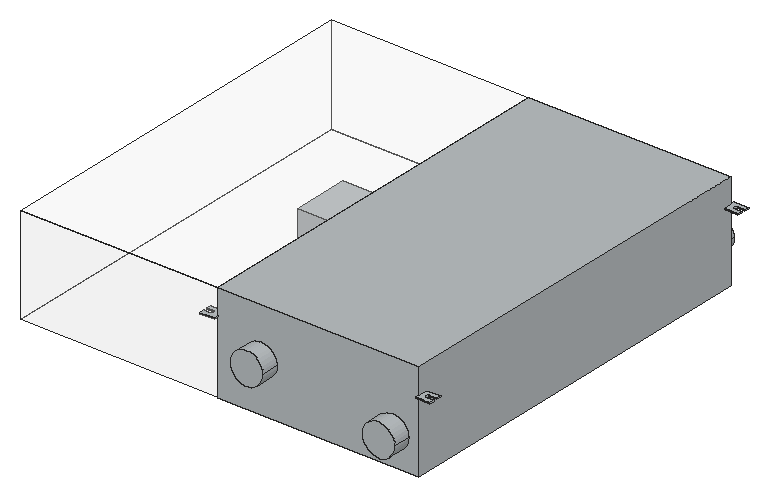
Revit family "lgh-n15_35rkx2(d)_rks2(d)_50Hz", category 機械設備, Revit 2019
Family settings
  丸型コネクタ寸法 = 直径を使用
  パーツ タイプ = 標準
  OmniClass 番号 = 23.75.10.34.21
  OmniClass タイトル = Heat Exchangers for Ventilation Air
  作業面ベース = いいえ
  常に垂直 = はい
  ロード時にボイドで切り取り = いいえ
  共有 = いいえ
  部屋計算ポイント = はい
Parameters (values of type "LGH-N15RKS2")
  騒音レベル(dB(A)) = 27.5
  風量 = 150.0 m³/h
  面風速 = 5.3 m/s
  電源種別 [instance] = ""
  電圧 = 100 V
  電動機出力 = 0 W
  集中コントローラ = ""
  運転質量 = 0.00 kg
  連動 [instance] = ""
  質量 = if(製品質量 > 運転質量, 製品質量, 運転質量) * 1.2  # 39.60 kg
  負荷分類 = 3_ファン類
  説明 = "業務用ロスナイ 天井埋込形加湿付"
  設計風量 = 0.0 m³/h
  設置方法 = "天井吊(隠ぺい)形"
  記号 [instance] = ""
  製造元 = "三菱電機株式会社"
  製品質量 = 33.00 kg
  製品出荷対象 = "国内"
  製品リリース年月 = "2015/1/30"
  製品グループ = ""
  給水管_D = 358 mm
  給水管_H = 92 mm
  給水管_Depth = 10 mm
  系統 [instance] = ""
  符号 = "HEU"
  積算_科目 = "1 空気調和設備"
  積算_拾い区分 [instance] = ""
  相 = 1
  盤記号 [instance] = ""
  発停方法 [instance] = ""
  特殊仕様 [instance] = ""
  点検口高さ = -Height  # -298 mm
  点検口離隔 = 150 mm
  点検口1_Width = 点検口1_Depth  # 450 mm
  点検口1_Depth = 450 mm
  点検口1_Center = 656 mm
  点検口 = yes
  火災停止 [instance] = ""
  温度交換効率 = 74.00%
  消費電力_加湿器 = 0 W
  消費電力 = 107 W
  法定耐用年数 = "15"
  機外静圧_排気 = 95.0 Pa
  機外静圧 = 95.0 Pa
  極数 = 2
  材質 [instance] = ""
  本体マテリアル = 溶融亜鉛めっき鋼板
  有効加湿量 = 0.44
  操作・制御方式 = ""
  操作・制御スイッチ = ""
  排気量 = 0.0 m³/h
  形式_加湿器 = ""
  形式 = "天井埋込ダクト形"
  幹線記号 [instance] = ""
  対象室 [instance] = ""
  実風量 = 0.0 m³/h
  始動方式 [instance] = "直入"
  天吊金具_径 = 6.5 mm
  天吊金具_幅 = 20 mm
  外気量 = 設計風量  # 0.0 m³/h
  呼称 = "全熱交換ユニット"
  周波数 = 50 Hz
  吊りボルトピッチ2 = 1169 mm
  吊りボルトピッチ1 = 658 mm
  吊りボルト_高さ = 75 mm
  参照している仕様書等のバージョン = ""
  加湿給水管径 = 21.7 mm
  初期抵抗 = 0.0 Pa
  分類コード = "50052504100070"
  分類グループ = ""
  価格 = 328000
  企業コード = "108420"
  付属品_フィルター_還気 = ""
  付属品_フィルター = ""
  付属品 [instance] = ""
  仕様書バージョン = "Version1.0"
  モデル = "LGH-N15RKS2"
  メンテナンススペース = yes
  ドレン管径 = 32 mm
  ドレン管_D = 307 mm
  ドレン管_H = 25 mm
  ドレン管_Depth = 10 mm
  コメント [instance] = ""
  Keynote = ""
  エンタルピ交換効率_暖房 = 69.00%
  エンタルピ交換効率_冷房 = 68.00%
  Assembly Code = ""
  Width = 611 mm
  Version = ""
  Uniclass2015Version = "Systems v1.9"
  Uniclass2015Title = "Thermal wheels"
  Uniclass2015Code = "Pr_60_60_36_88"
  URL = "https://www.mitsubishielectric.co.jp/ldg/wink/ssl/displayProduct.do?pid=254490"
  SpecificationReference = ""
  SpecificationDescription = ""
  SMAX風量 = 0.0 m³/h
  SMAX静圧 = 0.0 Pa
  SAサイズ_W = 0 mm
  SAサイズ_D = 97.5 mm
  Revision = ""
  RAサイズ_W = 0 mm
  RAサイズ_D = 97.5 mm
  ProductInformation = ""
  OmniClassCode = "23-27 23 19 11"
  OAダクト接続口方向_標準 = yes
  OAダクト接続口方向_変更 = not(OAダクト接続口方向_標準)  # no
  OAサイズ_W = 0 mm
  OAサイズ_D = 97.5 mm
  MIN風量 = 55.0 m³/h
  MIN静圧 = 13.0 Pa
  MID風量 = 115.0 m³/h
  MID静圧 = 55.0 Pa
  MAX風量 = 150.0 m³/h
  MAX静圧 = 95.0 Pa
  IfcTypeProduct = ""
  IfcProduct = ""
  IfcExportType = "ROTARYWHEEL"
  IfcExportAs = "IfcAirToAirHeatRecoveryType"
  Height = 298 mm
  EAダクト接続口方向_標準 = yes
  EAダクト接続口方向_変更 = not(EAダクト接続口方向_標準)  # no
  EAサイズ_W = 0 mm
  EAサイズ_D = 97.5 mm
  Duct_Width_RA = 225 mm
  Duct_Pitch_SA_RA = 400 mm
  Duct_Pitch_OA_EA = 450 mm
  Duct_Height_SA = 149 mm
  Duct_Height = 95 mm
  Duct_Depth = 53 mm
  Duct_Change_Center = 119 mm
  Depth = 1182 mm
  Clearance Top = 0 mm
  Clearance Left = 600 mm
  Clearance Bottom = 0 mm
  Box_Depth = 172 mm
  Box_Height = 262 mm
  Box_H = 20 mm
  Box_Width = 115 mm
  Box_D = 446 mm
  Author = "三菱電機株式会社"
Types (12, lengths in mm): name | 騒音レベル(dB(A)) | 風量 | 面風速 | 電圧 | 質量 | 製品質量 | 点検口高さ | 点検口1_Center | 温度交換効率 | 消費電力 | 機外静圧_排気 | 機外静圧 | 極数 | 有効加湿量 | 吊りボルトピッチ2 | 吊りボルトピッチ1 | 吊りボルト_高さ | 参照している仕様書等のバージョン | 価格 | モデル | エンタルピ交換効率_暖房 | エンタルピ交換効率_冷房 | Width | URL | SMAX風量 | SMAX静圧 | SAサイズ_D | RAサイズ_D | OAサイズ_D | MIN風量 | MIN静圧 | MID風量 | MID静圧 | MAX風量 | MAX静圧 | Height | EAサイズ_D | Duct_Width_RA | Duct_Pitch_SA_RA | Duct_Pitch_OA_EA | Duct_Height_SA | Duct_Height | Duct_Depth | Duct_Change_Center | Depth | Box_H | Box_D
  LGH-N15RKS2 | 27.5 | 150.0 m³/h | 5.3 m/s | 100 V | 39.60 kg | 33.00 kg | -298 | 656 | 74.00% | 107 W | 95.0 Pa | 95.0 Pa | 2 | 0.44 | 1169 | 658 | 75 | "" | 328000 | "LGH-N15RKS2" | 69.00% | 68.00% | 611 | "https://www.mitsubishielectric.co.jp/ldg/wink/ssl/displayProduct.do?pid=254490" | 0.0 m³/h | 0.0 Pa | 97.5 | 97.5 | 97.5 | 55.0 m³/h | 13.0 Pa | 115.0 m³/h | 55.0 Pa | 150.0 m³/h | 95.0 Pa | 298 | 97.5 | 225 | 400 | 450 | 149 | 95 | 53 | 119 | 1182 | 20 | 446
  LGH-N15RKS2D | 27.5 | 150.0 m³/h | 5.3 m/s | 200 V | 39.60 kg | 33.00 kg | -298 | 656 | 74.00% | 110 W | 95.0 Pa | 95.0 Pa | 3 | 0.44 | 1169 | 658 | 75 | "" | 328000 | "LGH-N15RKS2D" | 69.00% | 68.00% | 611 | "https://www.mitsubishielectric.co.jp/ldg/wink/ssl/displayProduct.do?pid=254491" | 0.0 m³/h | 0.0 Pa | 97.5 | 97.5 | 97.5 | 75.0 m³/h | 23.0 Pa | 115.0 m³/h | 55.0 Pa | 150.0 m³/h | 95.0 Pa | 298 | 97.5 | 225 | 400 | 450 | 149 | 95 | 53 | 119 | 1182 | 20 | 446
  LGH-N15RKX2 | 27.5 | 150.0 m³/h | 5.3 m/s | 100 V | 39.60 kg | 33.00 kg | -298 | 656 | 74.00% | 107 W | 95.0 Pa | 95.0 Pa | 2 | 0.44 | 1169 | 658 | 75 | "公共建築工事標準仕様書（機械設備工事編）平成31年度版" | 475000 | "LGH-N15RKX2" | 69.00% | 68.00% | 611 | "https://www.mitsubishielectric.co.jp/ldg/wink/ssl/displayProduct.do?pid=254492" | 0.0 m³/h | 0.0 Pa | 97.5 | 97.5 | 97.5 | 55.0 m³/h | 13.0 Pa | 115.0 m³/h | 55.0 Pa | 150.0 m³/h | 95.0 Pa | 298 | 97.5 | 225 | 400 | 450 | 149 | 95 | 53 | 119 | 1182 | 20 | 446
  LGH-N15RKX2D | 27.5 | 150.0 m³/h | 5.3 m/s | 200 V | 39.60 kg | 33.00 kg | -298 | 656 | 74.00% | 110 W | 95.0 Pa | 95.0 Pa | 3 | 0.44 | 1169 | 658 | 75 | "公共建築工事標準仕様書（機械設備工事編）平成31年度版" | 475000 | "LGH-N15RKX2D" | 69.00% | 68.00% | 611 | "https://www.mitsubishielectric.co.jp/ldg/wink/ssl/displayProduct.do?pid=254475" | 0.0 m³/h | 0.0 Pa | 97.5 | 97.5 | 97.5 | 75.0 m³/h | 23.0 Pa | 115.0 m³/h | 55.0 Pa | 150.0 m³/h | 95.0 Pa | 298 | 97.5 | 225 | 400 | 450 | 149 | 95 | 53 | 119 | 1182 | 20 | 446
  LGH-N25RKS2 | 28 | 250.0 m³/h | 3.9 m/s | 100 V | 43.20 kg | 36.00 kg | -298 | 656 | 74.00% | 133 W | 75.0 Pa | 75.0 Pa | 2 | 0.73 | 1199 | 782 | 75 | "" | 356000 | "LGH-N25RKS2" | 69.00% | 68.00% | 735 | "https://www.mitsubishielectric.co.jp/ldg/wink/ssl/displayProduct.do?pid=254493" | 0.0 m³/h | 0.0 Pa | 142 | 142 | 142 | 70.0 m³/h | 6.0 Pa | 165.0 m³/h | 35.0 Pa | 250.0 m³/h | 75.0 Pa | 298 | 142 | 265 | 505 | 530 | 149 | 115 | 63 | 102 | 1212 | 20 | 476
  LGH-N25RKS2D | 28 | 250.0 m³/h | 3.9 m/s | 200 V | 43.20 kg | 36.00 kg | -298 | 656 | 74.00% | 146 W | 75.0 Pa | 75.0 Pa | 3 | 0.73 | 1199 | 782 | 75 | "" | 356000 | "LGH-N25RKS2D" | 69.00% | 68.00% | 735 | "https://www.mitsubishielectric.co.jp/ldg/wink/ssl/displayProduct.do?pid=254494" | 0.0 m³/h | 0.0 Pa | 142 | 142 | 142 | 80.0 m³/h | 8.0 Pa | 165.0 m³/h | 35.0 Pa | 250.0 m³/h | 75.0 Pa | 298 | 142 | 265 | 505 | 530 | 149 | 115 | 63 | 102 | 1212 | 20 | 476
  LGH-N25RKX2 | 28 | 250.0 m³/h | 3.9 m/s | 100 V | 43.20 kg | 36.00 kg | -298 | 656 | 74.00% | 133 W | 75.0 Pa | 75.0 Pa | 2 | 0.73 | 1199 | 782 | 75 | "公共建築工事標準仕様書（機械設備工事編）平成31年度版" | 515000 | "LGH-N25RKX2" | 69.00% | 68.00% | 735 | "https://www.mitsubishielectric.co.jp/ldg/wink/ssl/displayProduct.do?pid=254495" | 0.0 m³/h | 0.0 Pa | 142 | 142 | 142 | 70.0 m³/h | 6.0 Pa | 165.0 m³/h | 35.0 Pa | 250.0 m³/h | 75.0 Pa | 298 | 142 | 265 | 505 | 530 | 149 | 115 | 63 | 102 | 1212 | 20 | 476
  LGH-N25RKX2D | 28 | 250.0 m³/h | 3.9 m/s | 200 V | 43.20 kg | 36.00 kg | -298 | 656 | 74.00% | 146 W | 75.0 Pa | 75.0 Pa | 3 | 0.73 | 1199 | 782 | 75 | "公共建築工事標準仕様書（機械設備工事編）平成31年度版" | 515000 | "LGH-N25RKX2D" | 69.00% | 68.00% | 735 | "https://www.mitsubishielectric.co.jp/ldg/wink/ssl/displayProduct.do?pid=254496" | 0.0 m³/h | 0.0 Pa | 142 | 142 | 142 | 80.0 m³/h | 8.0 Pa | 165.0 m³/h | 35.0 Pa | 250.0 m³/h | 75.0 Pa | 298 | 142 | 265 | 505 | 530 | 149 | 115 | 63 | 102 | 1212 | 20 | 476
  LGH-N35RKS2 | 31 | 350.0 m³/h | 5.5 m/s | 100 V | 52.80 kg | 44.00 kg | -331 | 732 | 75.00% | 187 W | 100.0 Pa | 100.0 Pa | 2 | 1.01 | 1275 | 922 | 85 | "" | 406000 | "LGH-N35RKS2" | 71.00% | 70.00% | 874 | "https://www.mitsubishielectric.co.jp/ldg/wink/ssl/displayProduct.do?pid=254497" | 350.0 m³/h | 100.0 Pa | 142 | 142 | 142 | 125.0 m³/h | 8.0 Pa | 280.0 m³/h | 40.0 Pa | 350.0 m³/h | 80.0 Pa | 331 | 142 | 325 | 400 | 650 | 165 | 110 | 64 | 124 | 1288 | 12 | 476
  LGH-N35RKS2D | 31 | 350.0 m³/h | 5.5 m/s | 200 V | 52.80 kg | 44.00 kg | -331 | 732 | 75.00% | 173 W | 100.0 Pa | 100.0 Pa | 3 | 1.01 | 1275 | 922 | 85 | "" | 406000 | "LGH-N35RKS2D" | 71.00% | 70.00% | 874 | "https://www.mitsubishielectric.co.jp/ldg/wink/ssl/displayProduct.do?pid=254498" | 350.0 m³/h | 100.0 Pa | 142 | 142 | 142 | 150.0 m³/h | 11.0 Pa | 240.0 m³/h | 40.0 Pa | 350.0 m³/h | 80.0 Pa | 331 | 142 | 325 | 400 | 650 | 165 | 110 | 64 | 124 | 1288 | 12 | 476
  LGH-N35RKX2 | 31 | 350.0 m³/h | 5.5 m/s | 100 V | 52.80 kg | 44.00 kg | -331 | 732 | 75.00% | 187 W | 100.0 Pa | 100.0 Pa | 2 | 1.01 | 1275 | 922 | 85 | "公共建築工事標準仕様書（機械設備工事編）平成31年度版" | 573000 | "LGH-N35RKX2" | 71.00% | 70.00% | 874 | "https://www.mitsubishielectric.co.jp/ldg/wink/ssl/displayProduct.do?pid=254499" | 350.0 m³/h | 100.0 Pa | 142 | 142 | 142 | 125.0 m³/h | 8.0 Pa | 280.0 m³/h | 40.0 Pa | 350.0 m³/h | 80.0 Pa | 331 | 142 | 325 | 400 | 650 | 165 | 110 | 64 | 124 | 1288 | 12 | 476
  LGH-N35RKX2D | 31 | 350.0 m³/h | 5.5 m/s | 200 V | 52.80 kg | 44.00 kg | -331 | 732 | 75.00% | 173 W | 100.0 Pa | 100.0 Pa | 3 | 1.01 | 1275 | 922 | 85 | "公共建築工事標準仕様書（機械設備工事編）平成31年度版" | 573000 | "LGH-N35RKX2D" | 71.00% | 70.00% | 874 | "https://www.mitsubishielectric.co.jp/ldg/wink/ssl/displayProduct.do?pid=254500" | 350.0 m³/h | 100.0 Pa | 142 | 142 | 142 | 150.0 m³/h | 11.0 Pa | 240.0 m³/h | 40.0 Pa | 350.0 m³/h | 80.0 Pa | 331 | 142 | 325 | 400 | 650 | 165 | 110 | 64 | 124 | 1288 | 12 | 476
Reference planes
  plane 1 "中心(正面/背面)": y = 0
  plane 2: z = 0
  plane 3 "中心(左/右)": x = 0
  plane 4: x = -305.5
  plane 5: x = 305.5
  plane 6: y = 591
  plane 7: y = -591
  plane 8: z = -298
  plane 9: z = -203
  plane 10: z = -149
  plane 11: x = 225
  plane 12: x = -175
  plane 13: y = -644
  plane 14: y = 644
  plane 15: x = -225
  plane 16: x = 225
  plane 17: y = -145
  plane 18: z = -20
  plane 19: y = 27
  plane 20: z = -282
  plane 21: x = -420.5
  plane 22: y = -284
  plane 23: y = -233
  plane 24: z = -273
  plane 25: z = -206
  plane 26: x = -315.5
  plane 27: x = -315.5
  plane 28: y = 472
  plane 29: x = -358.5
  plane 30: x = 358.5
  plane 31: x = -905.5
  plane 32: z = -298
  plane 33: y = -336
  plane 34: x = -455.5
  plane 35: y = 160
  plane 36: x = -329
  plane 37: x = 329
  plane 38: y = -584.5
  plane 39: y = 584.5
  plane 40: y = -65
  plane 41: y = -290
  plane 42: x = -349
  plane 43: x = 349
  plane 44: y = 564.5
  plane 45: y = 604.5
  plane 46: z = -75
  plane 47: z = -78
  plane 48: y = -564.5
  plane 49: y = -604.5
  plane 50: z = 0
Forms (mm)
  Extrusion 1, solid, material "溶融亜鉛めっき鋼板" <- "本体マテリアル", detail levels fine
    sketch origin (0, 0, 0) x (1, 0, 0) y (0, 1, 0)
      loop
        line (-305.5, 591) -> (-305.5, -591) -> (305.5, -591) -> (305.5, 591) -> (-305.5, 591)
    from 0 to -298
  Extrusion 2, solid, material "溶融亜鉛めっき鋼板" <- "本体マテリアル", detail levels fine
    sketch origin (0, 0, 0) x (1, 0, 0) y (0, 0, 1)
      loop
        circle (-175, -149) r 48.75
    from 591 to 644
  Extrusion 3, solid, material "溶融亜鉛めっき鋼板" <- "本体マテリアル", visible <- "OAダクト接続口方向_標準", detail levels fine
    sketch origin (0, 0, 0) x (1, 0, 0) y (0, 0, 1)
      loop
        circle (-225, -203) r 48.75
    from -644 to -591
  Extrusion 4, solid, material "溶融亜鉛めっき鋼板" <- "本体マテリアル", visible <- "EAダクト接続口方向_標準", detail levels fine
    sketch origin (0, 0, 0) x (1, 0, 0) y (0, 0, 1)
      loop
        circle (225, -203) r 48.75
    from -644 to -591
  Extrusion 5, solid, material "溶融亜鉛めっき鋼板" <- "本体マテリアル", detail levels fine
    sketch origin (0, 0, 0) x (0, 1, 0) y (0, 0, 1)
      loop
        line (-145, -20) -> (-145, -282) -> (27, -282) -> (27, -20) -> (-145, -20)
    from -420.5 to -305.5
  Extrusion 6, solid, material "溶融亜鉛めっき鋼板" <- "本体マテリアル", detail levels fine
    sketch origin (0, 0, 0) x (0, 1, 0) y (0, 0, 1)
      loop
        circle (-284, -273) r 16
    from -315.5 to -305.5
  Extrusion 7, solid, material "溶融亜鉛めっき鋼板" <- "本体マテリアル", detail levels fine
    sketch origin (0, 0, 0) x (0, 1, 0) y (0, 0, 1)
      loop
        circle (-233, -206) r 10.85
    from -315.5 to -305.5
  Extrusion 8, solid, material "溶融亜鉛めっき鋼板" <- "本体マテリアル", visible <- "OAダクト接続口方向_変更", detail levels fine
    sketch origin (0, 0, 0) x (0, 1, 0) y (0, 0, 1)
      loop
        circle (472, -203) r 48.75
    from -358.5 to -305.5
  Extrusion 9, solid, material "溶融亜鉛めっき鋼板" <- "本体マテリアル", visible <- "EAダクト接続口方向_変更", detail levels fine
    sketch origin (0, 0, 0) x (0, 1, 0) y (0, 0, 1)
      loop
        circle (472, -203) r 48.75
    from 305.5 to 358.5
  Extrusion 10, solid, material "溶融亜鉛めっき鋼板" <- "本体マテリアル", detail levels fine
    sketch origin (0, 0, 0) x (1, 0, 0) y (0, 1, 0)
      loop
        line (-305.5, 604.5) -> (-349, 604.5) -> (-349, 591) -> (-329, 591)
        arc (-329, 591) -> (-322.5, 584.5) -> (-329, 578) r 6.5
        line (-329, 578) -> (-349, 578) -> (-349, 564.5) -> (-305.5, 564.5) -> (-305.5, 604.5)
    from -75 to -78
  Extrusion 11, solid, material "溶融亜鉛めっき鋼板" <- "本体マテリアル", detail levels fine
    sketch origin (0, 0, 0) x (-1, 0, 0) y (0, -1, 0)
      loop
        line (-305.5, -604.5) -> (-305.5, -564.5) -> (-349, -564.5) -> (-349, -578) -> (-329, -578)
        arc (-329, -578) -> (-322.5, -584.5) -> (-329, -591) r 6.5
        line (-329, -591) -> (-349, -591) -> (-349, -604.5) -> (-305.5, -604.5)
    from -75 to -78
  Extrusion 12, solid, material "溶融亜鉛めっき鋼板" <- "本体マテリアル", detail levels fine
    sketch origin (0, 0, 0) x (-1, 0, 0) y (0, -1, 0)
      loop
        line (-305.5, 604.5) -> (-349, 604.5) -> (-349, 591) -> (-329, 591)
        arc (-329, 591) -> (-322.5, 584.5) -> (-329, 578) r 6.5
        line (-329, 578) -> (-349, 578) -> (-349, 564.5) -> (-305.5, 564.5) -> (-305.5, 604.5)
    from -75 to -78
  Extrusion 13, solid, material "溶融亜鉛めっき鋼板" <- "本体マテリアル", detail levels fine
    sketch origin (0, 0, 0) x (1, 0, 0) y (0, 1, 0)
      loop
        line (-305.5, -604.5) -> (-305.5, -564.5) -> (-349, -564.5) -> (-349, -578) -> (-329, -578)
        arc (-329, -578) -> (-322.5, -584.5) -> (-329, -591) r 6.5
        line (-329, -591) -> (-349, -591) -> (-349, -604.5) -> (-305.5, -604.5)
    from -75 to -78
  Extrusion 14, solid, material "溶融亜鉛めっき鋼板" <- "本体マテリアル", detail levels fine
    sketch origin (0, 0, 0) x (1, 0, 0) y (0, 0, 1)
      loop
        circle (225, -203) r 48.75
    from 591 to 644
Lines and regions (mm)
  Masking region 1, detail levels coarse+medium
    outline origin (0, 0, 0) x (1, 0, 0) y (0, 1, 0)
      loop
        line (-305.5, 591) -> (-305.5, -591) -> (305.5, -591) -> (305.5, 591) -> (-305.5, 591)
  symbolic lines, detail levels coarse+medium
    curve 1: line (-1.977, 588.477, 0) -> (-305.5, 0, 0)
    curve 2: line (-305.5, 0, 0) -> (1.977, -588.477, 0)
    curve 3: line (1.977, -588.477, 0) -> (305.5, 0, 0)
    curve 4: line (305.5, 0, 0) -> (-1.977, 588.477, 0)
Dimensions and locks
  equal spacing: plane 4, plane 3 "中心(左/右)", plane 5
  "Width": plane 4 to plane 5
  equal spacing: plane 6, plane 1 "中心(正面/背面)", plane 7
  "Depth": plane 6 to plane 7
  "Height": level to plane 8
  "Duct_Height": plane 9 to plane 8
  "Duct_Height_SA": plane 10 to plane 8
  "Duct_Width_RA": plane 11 to plane 3 "中心(左/右)"
  "Duct_Pitch_SA_RA": plane 11 to plane 12
  "Duct_Depth": plane 7 to plane 13
  "Duct_Depth": plane 6 to plane 14
  equal spacing: plane 15, plane 3 "中心(左/右)", plane 16
  "Duct_Pitch_OA_EA": plane 15 to plane 16
  "Box_D": plane 17 to plane 7
  "Box_Depth": plane 19 to plane 17
  "Box_Height": plane 18 to plane 20
  "Box_Width": plane 21 to plane 4
  "ドレン管_D": plane 22 to plane 7
  "給水管_D": plane 23 to plane 7
  "ドレン管_H": plane 8 to plane 24
  "給水管_H": plane 8 to plane 25
  "給水管_Depth": plane 26 to plane 4
  "ドレン管_Depth": plane 27 to plane 4
  "Duct_Change_Center": plane 6 to plane 28
  "Duct_Depth": plane 29 to plane 4
  "Duct_Depth": plane 5 to plane 30
  "Clearance Left": plane 31 to plane 4
  nested 1 to plane 4 = 0 mm
  "点検口離隔": plane 34 to plane 4
  equal spacing: plane 36, plane 3 "中心(左/右)", plane 37
  "吊りボルトピッチ1": plane 36 to plane 37
  equal spacing: plane 39, plane 1 "中心(正面/背面)", plane 38
  "吊りボルトピッチ2": plane 39 to plane 38
  "点検口1_Center": plane 6 to plane 40
  equal spacing: plane 41, plane 40, plane 35
  "点検口1_Depth": plane 35 to plane 41
  "天吊金具_幅": plane 42 to plane 36
  "天吊金具_幅": plane 37 to plane 43
  locked: plane 45 to plane 44 at 40
  equal spacing: plane 45, plane 39, plane 44
  "吊りボルト_高さ": level to plane 46
  locked: plane 46 to plane 47 at 3
  locked: plane 49 to plane 48 at 40
  equal spacing: plane 49, plane 38, plane 48
  "Box_H": level to plane 18
  "Clearance Bottom": plane 8 to plane 32
  "Clearance Top": plane 50 to level
  "SAサイズ_D": diameter of Extrusion 2 sketch curve
  "OAサイズ_D": diameter of Extrusion 3 sketch curve
  "EAサイズ_D": diameter of Extrusion 4 sketch curve
  "ドレン管径": diameter of Extrusion 6 sketch curve
  "加湿給水管径": diameter of Extrusion 7 sketch curve
  "OAサイズ_D": diameter of Extrusion 8 sketch curve
  "EAサイズ_D": diameter of Extrusion 9 sketch curve
  "天吊金具_径": radius of Extrusion 10 sketch curve
  "天吊金具_径": radius of Extrusion 11 sketch curve
  "天吊金具_径": radius of Extrusion 12 sketch curve
  "天吊金具_径": radius of Extrusion 13 sketch curve
  "RAサイズ_D": diameter of Extrusion 14 sketch curve
  aligned and locked: level to plane 2
  aligned and locked: Masking region 1 to plane 7
  aligned and locked: Masking region 1 to plane 4
  aligned and locked: plane 6 to Masking region 1
  aligned and locked: plane 5 to Masking region 1
  aligned and locked: Extrusion 1 to plane 8
  aligned and locked: plane 7 to Extrusion 2
  aligned and locked: Extrusion 4 to plane 14
  aligned and locked: Extrusion 3 to plane 14
  aligned and locked: Extrusion 3 to plane 6
  aligned and locked: Extrusion 4 to plane 6
  aligned and locked: Extrusion 5 to plane 21
  aligned and locked: Extrusion 5 to plane 20
  aligned and locked: plane 17 to Extrusion 5
  aligned and locked: Extrusion 5 to plane 19
  aligned and locked: plane 18 to Extrusion 5
  aligned and locked: plane 4 to Extrusion 7
  aligned and locked: Extrusion 7 to plane 26
  aligned and locked: Extrusion 6 to plane 27
  aligned and locked: plane 4 to Extrusion 6
  aligned and locked: Extrusion 8 to plane 29
  aligned and locked: plane 4 to Extrusion 8
  aligned and locked: plane 30 to Extrusion 9
  aligned and locked: Extrusion 9 to plane 5
  aligned and locked: plane 32 to nested 1
  aligned and locked: plane 4 to nested 1
  aligned and locked: plane 31 to nested 1
  aligned and locked: nested 1 to plane 6
  aligned and locked: nested 1 to plane 7
  aligned and locked: plane 37 to nested 2
  aligned and locked: plane 39 to nested 2
  aligned and locked: nested 2 to plane 38
  aligned and locked: plane 36 to nested 2
  aligned and locked: plane 34 to nested 3
  aligned and locked: nested 3 to plane 35
  aligned and locked: plane 41 to nested 3
  aligned and locked: Extrusion 10 to plane 42  (x2)
  aligned and locked: Extrusion 10 to plane 45
  aligned and locked: Extrusion 10 to plane 44
  aligned and locked: Extrusion 10 to Masking region 1
  aligned and locked: Extrusion 10 to plane 46
  aligned and locked: Extrusion 10 to plane 47
  aligned and locked: Extrusion 11 to plane 43  (x2)
  aligned and locked: Extrusion 11 to plane 45
  aligned and locked: Extrusion 11 to plane 44
  aligned and locked: Extrusion 11 to Masking region 1
  aligned and locked: Extrusion 12 to plane 49
  aligned and locked: Extrusion 12 to plane 48
  aligned and locked: Extrusion 13 to plane 49
  aligned and locked: Extrusion 13 to plane 42  (x2)
  aligned and locked: Extrusion 13 to plane 48
  aligned and locked: Extrusion 13 to Masking region 1
  aligned and locked: Extrusion 13 to Extrusion 10  (x2)
  aligned and locked: Extrusion 12 to plane 47
  aligned and locked: plane 46 to Extrusion 12
  aligned and locked: plane 46 to Extrusion 11
  aligned and locked: Extrusion 11 to plane 47
  aligned and locked: Extrusion 5 to Masking region 1
  aligned and locked: Extrusion 2 to plane 13
  aligned and locked: Extrusion 2 to Extrusion 14
  aligned and locked: Extrusion 14 to Masking region 1
  aligned and locked: plane 50 to nested 1
Automatic sketch dimensions
  plane 1 "中心(正面/背面)" to curve 1 = 0 mm
  curve 1 to plane 4 = 0 mm
  plane 1 "中心(正面/背面)" to curve 4 = 0 mm
  curve 4 to plane 5 = 0 mm
  curve 4 to plane 3 "中心(左/右)" = 1.977 mm
  plane 3 "中心(左/右)" to curve 3 = 1.977 mm
  plane 7 to curve 3 = 2.523 mm
  curve 4 to plane 6 = 2.523 mm
  Masking region 1 sketch curve to plane 4 = 0 mm
  Masking region 1 sketch curve to plane 5 = 0 mm
  Masking region 1 sketch curve to plane 7 = 0 mm
  Masking region 1 sketch curve to plane 6 = 0 mm
  Extrusion 1 sketch curve to plane 4 = 0 mm
  Extrusion 1 sketch curve to plane 5 = 0 mm
  Extrusion 1 sketch curve to plane 7 = 0 mm
  Extrusion 1 sketch curve to plane 6 = 0 mm
  Extrusion 2 sketch curve to plane 10 = 0 mm
  Extrusion 2 sketch curve to plane 12 = 0 mm
  Extrusion 3 sketch curve to plane 9 = 0 mm
  plane 15 to Extrusion 3 sketch curve = 0 mm
  Extrusion 4 sketch curve to plane 9 = 0 mm
  plane 16 to Extrusion 4 sketch curve = 0 mm
  Extrusion 5 sketch curve to plane 17 = 0 mm
  Extrusion 5 sketch curve to plane 19 = 0 mm
  Extrusion 5 sketch curve to plane 20 = 0 mm
  Extrusion 5 sketch curve to plane 18 = 0 mm
  Extrusion 6 sketch curve to plane 22 = 0 mm
  plane 24 to Extrusion 6 sketch curve = 0 mm
  Extrusion 7 sketch curve to plane 23 = 0 mm
  plane 25 to Extrusion 7 sketch curve = 0 mm
  Extrusion 8 sketch curve to plane 9 = 0 mm
  Extrusion 8 sketch curve to plane 28 = 0 mm
  Extrusion 9 sketch curve to plane 9 = 0 mm
  Extrusion 9 sketch curve to plane 28 = 0 mm
  Extrusion 14 sketch curve to plane 9 = 0 mm
  Extrusion 14 sketch curve to plane 11 = 0 mm
  Extrusion 10 sketch curve to plane 42 = 0 mm  (x2)
  Extrusion 10 sketch curve to plane 36 = 0 mm
  Extrusion 10 sketch curve to plane 4 = 0 mm
  Extrusion 10 sketch curve to plane 44 = 0 mm
  Extrusion 10 sketch curve to plane 39 = 0 mm
  plane 45 to Extrusion 10 sketch curve = 0 mm
  Extrusion 11 sketch curve to plane 43 = 0 mm  (x2)
  Extrusion 11 sketch curve to plane 37 = 0 mm
  Extrusion 11 sketch curve to plane 5 = 0 mm
  Extrusion 11 sketch curve to plane 44 = 0 mm
  Extrusion 11 sketch curve to plane 39 = 0 mm
  plane 45 to Extrusion 11 sketch curve = 0 mm
  Extrusion 12 sketch curve to plane 43 = 0 mm  (x2)
  Extrusion 12 sketch curve to plane 37 = 0 mm
  Extrusion 12 sketch curve to plane 5 = 0 mm
  plane 48 to Extrusion 12 sketch curve = 0 mm
  Extrusion 12 sketch curve to plane 38 = 0 mm
  Extrusion 12 sketch curve to plane 49 = 0 mm
  Extrusion 13 sketch curve to plane 42 = 0 mm  (x2)
  Extrusion 13 sketch curve to plane 36 = 0 mm
  Extrusion 13 sketch curve to plane 4 = 0 mm
  plane 48 to Extrusion 13 sketch curve = 0 mm
  Extrusion 13 sketch curve to plane 38 = 0 mm
  Extrusion 13 sketch curve to plane 49 = 0 mm
Nested families
  nested 1: "メンテナンススペース" at (-605.5, 0, -149), visible <- "メンテナンススペース", type "メンテナンススペース"
    with Width 600 mm, Height 298 mm, Depth 1182 mm
  nested 2: "固定点" at (-329, -584.5, 0), type "固定点"
    with W 658 mm, D 1169 mm
  nested 3: "点検口設置範囲" at (-680.5, -65, -298), Width <- "点検口1_Width", built-in parameter 1001364 <- "点検口高さ", visible <- "点検口", type "点検口設置範囲"
    with Width 450 mm, Depth 450 mm
Connectors
  electrical at (-363, -145, -151), driven by "極数", driven by "負荷分類", driven by "電圧", driven by "消費電力"
    settings: on Extrusion 5, index 1, voltage 100 V, apparent load 107 VA, apparent load phase1 0 VA, apparent load phase2 0 VA, apparent load phase3 0 VA, power factor 1, load classification "3_ファン類", number of poles 2, system type 30, power factor state 1, is connector primary yes, connector utility no, sub classification motor no, connector description ""
  piping at (-315.5, -233, -206), diameter 21.7, driven by "加湿給水管径"
    settings: on Extrusion 7, index 3, connector inside diameter 609.6 mm, connector length 0 mm, flow factor 0, pipe flow 0.0 L/s, pressure drop 0.0 Pa, fitting loss kfactor 0, connector angle 0.00°, fixture units 0, engagement length 0 mm, angle of deflection 0.00°, flow configuration 0, flow direction 1, fitting loss method 0, system type 19, joint type 0, gender type 0, connector reference index -1, connector utility 0, adjustable connector no, is connector primary yes, connector description ""
  piping at (-315.5, -284, -273), diameter 32, driven by "ドレン管径"
    settings: on Extrusion 6, index 5, connector inside diameter 609.6 mm, connector length 0 mm, flow factor 0, pipe flow 0.0 L/s, pressure drop 0.0 Pa, fitting loss kfactor 0, connector angle 0.00°, fixture units 0, engagement length 0 mm, angle of deflection 0.00°, flow configuration 0, flow direction 2, fitting loss method 0, system type 16, joint type 0, gender type 0, connector reference index -1, connector utility 0, adjustable connector no, is connector primary no, connector description ""
  hvac at (-175, -644, -149), driven by "SAサイズ_D", driven by "MAX静圧", driven by "風量"
    settings: on Extrusion 2, index 6, duct flow 150.0 m³/h, flow factor 0, pres drop 95.0 Pa, loss coef 0, conn angle 0.00°, conn width 304.8 mm, conn height 304.8 mm, conn diameter 97.5 mm, duct sys type 1, conn prof type 0, flow config 1, flow direction 2, loss method 4, conn ref index -1, conn util no, is conn primary yes, conn desc ""
  hvac at (225, 644, -203), driven by "機外静圧_排気", driven by "排気量", driven by "EAサイズ_D"
    settings: on Extrusion 4, index 8, duct flow 0.0 m³/h, flow factor 0, pres drop 95.0 Pa, loss coef 0, conn angle 0.00°, conn width 304.8 mm, conn height 304.8 mm, conn diameter 97.5 mm, duct sys type 3, conn prof type 0, flow config 0, flow direction 2, loss method 4, conn ref index -1, conn util no, is conn primary no, conn desc ""
  hvac at (-225, 644, -203), driven by "機外静圧", driven by "外気量", driven by "OAサイズ_D"
    settings: on Extrusion 3, index 9, duct flow 0.0 m³/h, flow factor 0, pres drop 95.0 Pa, loss coef 0, conn angle 0.00°, conn width 304.8 mm, conn height 304.8 mm, conn diameter 97.5 mm, duct sys type 4, conn prof type 0, flow config 0, flow direction 1, loss method 4, conn ref index -1, conn util no, is conn primary no, conn desc ""
  hvac at (-358.5, 472, -203), driven by "OAサイズ_D", driven by "機外静圧", driven by "風量"
    settings: on Extrusion 8, index 10, duct flow 150.0 m³/h, flow factor 0, pres drop 95.0 Pa, loss coef 0, conn angle 0.00°, conn width 304.8 mm, conn height 304.8 mm, conn diameter 97.5 mm, duct sys type 3, conn prof type 0, flow config 0, flow direction 1, loss method 4, conn ref index -1, conn util no, is conn primary no, conn desc ""
  hvac at (358.5, 472, -203), driven by "EAサイズ_D", driven by "機外静圧_排気", driven by "排気量"
    settings: on Extrusion 9, index 11, duct flow 0.0 m³/h, flow factor 0, pres drop 95.0 Pa, loss coef 0, conn angle 0.00°, conn width 304.8 mm, conn height 304.8 mm, conn diameter 97.5 mm, duct sys type 3, conn prof type 0, flow config 0, flow direction 2, loss method 4, conn ref index -1, conn util no, is conn primary no, conn desc ""
  hvac at (225, -644, -203), driven by "RAサイズ_D", driven by "機外静圧", driven by "風量"
    settings: on Extrusion 14, index 12, duct flow 150.0 m³/h, flow factor 0, pres drop 95.0 Pa, loss coef 0, conn angle 0.00°, conn width 304.8 mm, conn height 304.8 mm, conn diameter 97.5 mm, duct sys type 2, conn prof type 0, flow config 0, flow direction 1, loss method 4, conn ref index -1, conn util no, is conn primary no, conn desc ""
Definition of nested family "メンテナンススペース"
  Parameters (values of type "メンテナンススペース")
    Width [instance] = 500 mm
    Height [instance] = 500 mm
    Depth [instance] = 500 mm
  Reference planes
    plane 1 "中心(正面/背面)": y = 0
    plane 2: z = 0
    plane 3 "中心(左/右)": x = 0
    plane 4: y = -250
    plane 5: x = 250
    plane 6: y = 250
    plane 7: x = -250
    plane 8: z = 250
    plane 9: z = -250
  Forms (mm)
    Extrusion 1, solid
      sketch origin (-638.939, 0, 72.39) x (1, 0, 0) y (0, 1, 0)
        loop
          line (388.939, 250) -> (388.939, -250) -> (888.939, -250) -> (888.939, 250) -> (388.939, 250)
      from -322.39 to 177.61
  Lines and regions (mm)
    symbolic lines
      curve 1: line (-250, 0, 250) -> (250, 0, 250)
      curve 2: line (-250, 0, -250) -> (-250, 0, 250)
      curve 3: line (250, 0, -250) -> (-250, 0, -250)
      curve 4: line (250, 0, 250) -> (250, 0, -250)
      curve 5: line (0, -250, 250) -> (0, 250, 250)
      curve 6: line (0, -250, -250) -> (0, -250, 250)
      curve 7: line (0, 250, -250) -> (0, -250, -250)
      curve 8: line (0, 250, 250) -> (0, 250, -250)
      curve 9: line (-250, 250, 0) -> (250, 250, 0)
      curve 10: line (-250, -250, 0) -> (-250, 250, 0)
      curve 11: line (250, -250, 0) -> (-250, -250, 0)
      curve 12: line (250, 250, 0) -> (250, -250, 0)
  Dimensions and locks
    equal spacing: plane 7, plane 3 "中心(左/右)", plane 5
    equal spacing: plane 4, plane 1 "中心(正面/背面)", plane 6
    "Depth": plane 4 to plane 6
    "Width": plane 7 to plane 5
    equal spacing: plane 8, plane 2, plane 9
    "Height": plane 8 to plane 9
    aligned and locked: plane 9 to curve 3
    aligned and locked: plane 7 to curve 2
    aligned and locked: curve 4 to plane 5
    aligned and locked: plane 5 to Extrusion 1
    aligned and locked: Extrusion 1 to plane 7
    aligned and locked: Extrusion 1 to plane 9
    aligned and locked: plane 8 to Extrusion 1
    aligned and locked: plane 9 to curve 7
  Automatic sketch dimensions
    plane 4 to Extrusion 1 sketch curve = 0 mm
    Extrusion 1 sketch curve to plane 7 = 0 mm
    Extrusion 1 sketch curve to plane 5 = 0 mm
    plane 6 to Extrusion 1 sketch curve = 0 mm
    curve 2 to plane 8 = 0 mm
    plane 4 to curve 11 = 0 mm
    curve 11 to plane 7 = 0 mm
    curve 11 to plane 5 = 0 mm
    plane 6 to curve 10 = 0 mm
    curve 7 to plane 4 = 0 mm
    curve 7 to plane 6 = 0 mm
    curve 6 to plane 8 = 0 mm
Definition of nested family "固定点"
  Parameters (values of type "固定点")
    中心円 = 20 mm
    W [instance] = 1000 mm
    D [instance] = 1000 mm
  Reference planes
    plane 1 "中心(正面/背面)": y = 0
    plane 2: z = 0
    plane 3 "中心(左/右)": x = 0
    plane 4: x = 1000
    plane 5: y = 1000
  Lines and regions (mm)
    symbolic lines, detail levels fine
      curve 1: circle (0, 1000, 0) r 10 normal (0, 0, 1)
      curve 2: circle (0, 0, 0) r 10 normal (0, 0, 1)
      curve 3: circle (1000, 1000, 0) r 10 normal (0, 0, 1)
      curve 4: circle (1000, 0, 0) r 10 normal (0, 0, 1)
      curve 5: line (-200, 1000, 0) -> (1200, 1000, 0)
      curve 6: line (-200, 0, 0) -> (1200, 0, 0)
      curve 7: line (0, 1200, 0) -> (0, -200, 0)
      curve 8: line (1000, 1200, 0) -> (1000, -200, 0)
  Dimensions and locks
    "W": plane 3 "中心(左/右)" to plane 4
    "D": plane 1 "中心(正面/背面)" to plane 5
    "中心円": diameter of curve 1
    "中心円": diameter of curve 2
    "中心円": diameter of curve 3
    "中心円": diameter of curve 4
    aligned and locked: level to plane 2
    aligned and locked: plane 5 to curve 1
    aligned and locked: plane 3 "中心(左/右)" to curve 1
    aligned and locked: plane 3 "中心(左/右)" to curve 2
    aligned and locked: plane 1 "中心(正面/背面)" to curve 2
    aligned and locked: plane 4 to curve 3
    aligned and locked: plane 5 to curve 3
    aligned and locked: plane 1 "中心(正面/背面)" to curve 4
    aligned and locked: plane 4 to curve 4
    aligned and locked: plane 1 "中心(正面/背面)" to curve 6
    aligned and locked: curve 7 to plane 3 "中心(左/右)"
    aligned and locked: curve 8 to plane 4
  Automatic sketch dimensions
    curve 5 to plane 5 = 0 mm
    curve 6 to plane 3 "中心(左/右)" = 200 mm
    curve 5 to plane 3 "中心(左/右)" = 200 mm
    curve 4 to curve 6 = 200 mm
    curve 3 to curve 5 = 200 mm
    plane 1 "中心(正面/背面)" to curve 8 = 200 mm
    plane 1 "中心(正面/背面)" to curve 7 = 200 mm
    curve 3 to curve 8 = 200 mm
    curve 1 to curve 7 = 200 mm
Definition of nested family "点検口設置範囲"
  Parameters (values of type "点検口設置範囲")
    Width [instance] = 1000 mm
    Depth [instance] = 700 mm
  Reference planes
    plane 1 "中心(正面/背面)": y = 0
    plane 2: z = 0
    plane 3 "中心(左/右)": x = 0
    plane 4: x = -500
    plane 5: x = 500
    plane 6: y = -350
    plane 7: y = 350
  Lines and regions (mm)
    model lines
      curve 1: line (-500, 350, 0) -> (500, 350, 0)
      curve 2: line (-500, -350, 0) -> (-500, 350, 0)
      curve 3: line (500, -350, 0) -> (-500, -350, 0)
      curve 4: line (500, 350, 0) -> (500, -350, 0)
  Dimensions and locks
    "Depth": plane 7 to plane 6
    "Width": plane 4 to plane 5
    equal spacing: plane 7, plane 1 "中心(正面/背面)", plane 6
    equal spacing: plane 4, plane 3 "中心(左/右)", plane 5
    aligned and locked: level to plane 2
    aligned and locked: plane 4 to curve 2
    aligned and locked: curve 1 to plane 7
    aligned and locked: curve 4 to plane 5
    aligned and locked: plane 6 to curve 3
